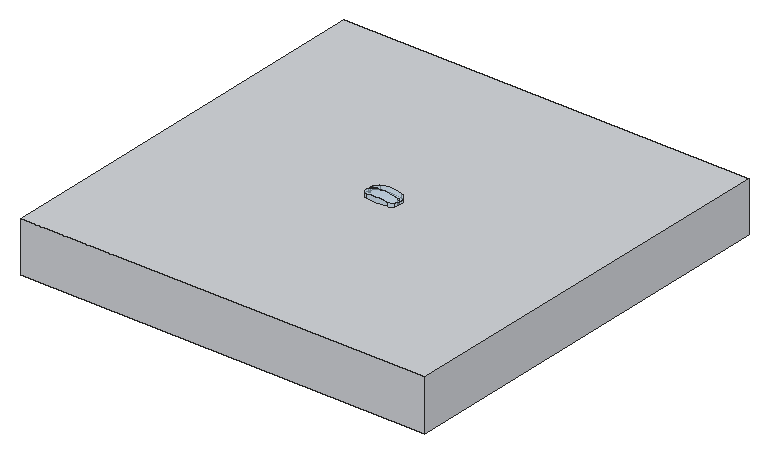
Revit family "GALAD Блистер LED", category Осветительные приборы, Revit 2018
Family settings
  Основа = Грань
  Размер круглого соединителя = Использовать диаметр
  Тип детали = Нормальный
  При загрузке вырезать с полостями = Нет
  Источник света = Да
  Общий = Нет
  Точка расчета площади = Нет
Parameters (values of type "GALAD Блистер LED-9 ECO IP30")
  built-in parameter 1150104 = 13.8 (stored number, unit not read)
  Частота = "50"  # constant formula
  Цветопередача = 80  # constant formula
  built-in parameter 1150134 = 2
  Файл фотометрической сетки = "svetilnik GALAD blister LED-9 ECO IP30.ies"
  Угол наклона = -90.00°  # constant formula
  Тип устройства управления светодиодами = "без управления"  # constant formula
  Тип продукции = "Светильник"  # constant formula
  Тип монтажной поверхности = "настенный"  # constant formula
  Тип источника света = "LED"  # constant formula
  Тип ПРА = "ЭПРА"  # constant formula
  Тип КСС = "Косинусная"  # constant formula
  Срок службы = "12 лет"  # constant formula
  built-in parameter 1150137 = (empty or 0)
  built-in parameter 1150132 = 2
  built-in parameter 1150114 = 1 (stored number, unit not read)
  Снижение светового потока во время разгорания = "не более 6%"  # constant formula
  Dimming Lamp Color Temperature Shift = (empty or 0)
  built-in parameter 1150105 = 56.5 (stored number, unit not read)
  Color Filter = 16777215
  Lumens = 710 lm
  Световая отдача = 79  # constant formula
  built-in parameter 1150109 = 1 (stored number, unit not read)
  built-in parameter 1150112 = 1 (stored number, unit not read)
  built-in parameter 1150110 = 1 (stored number, unit not read)
  built-in parameter 1150113 = 1 (stored number, unit not read)
  built-in parameter 1150115 = 1 (stored number, unit not read)
  built-in parameter 1114218 = 1 (stored number, unit not read)
  built-in parameter 1114217 = 1 (stored number, unit not read)
  Apparent Load = ADSK_Номинальная мощность / ADSK_Коэффициент мощности  # 9.47368 VA
  Default Elevation = 1219.2 mm
  built-in parameter 1150106 = 0.565 (stored number, unit not read)
  Описание = "Светодиодный светильник GALAD Блистер LED укомплектован матовым рассеивателем для минимизации слепящего действия и встроенным блоком питания. Ударопрочное защитное стекло выполнено из светостабилизированного поликарбоната. Установка светильника возможна на стену или на потолок."  # constant formula
  Область использования = "ЖКХ"  # constant formula
  built-in parameter 1150142 = "IESNA:LM-63-1995\r\n[TEST] Протокол №297R/20, ПАС\r\r\n[DATA]11.09.2020\r\r\n[MANUFAC] GALAD\r\r\n[LUMCAT]  \r\n[LUMINAIRE]Блистер LED-9 ECO IP30\r\r\n[LAMPCAT] \r\r\n[LAMP] LED 9 Вт\r\r\nTILT=NONE\r\n1     710 0.710 73 145 1 2 0.200 0.118 0.040\r\n1.0 1.0 9\r\n0.0 2.5 5.0 7.5 10.0 12.5 15.0 17.5 20.0 22.5 25.0 27.5 30.0 32.5 35.0 37.5 40.0 42.5 45.0 47.5 50.0 52.5 55.0 57.5 60.0 62.5 65.0 67.5 70.0 72.5 75.0 77.5 80.0 82.5 85.0 87.5 90.0 92.5 95.0 97.5 100.0 102.5 105.0 107.5 110.0 112.5 115.0 117.5 120.0 122.5 125.0 127.5 130.0 132.5 135.0 137.5 140.0 142.5 145.0 147.5 150.0 152.5 155.0 157.5 160.0 162.5 165.0 167.5 170.0 172.5 175.0 177.5 180.0\r\n0.0 2.5 5.0 7.5 10.0 12.5 15.0 17.5 20.0 22.5 25.0 27.5 30.0 32.5 35.0 37.5 40.0 42.5 45.0 47.5 50.0 52.5 55.0 57.5 60.0 62.5 65.0 67.5 70.0 72.5 75.0 77.5 80.0 82.5 85.0 87.5 90.0 92.5 95.0 97.5 100.0 102.5 105.0 107.5 110.0 112.5 115.0 117.5 120.0 122.5 125.0 127.5 130.0 132.5 135.0 137.5 140.0 142.5 145.0 147.5 150.0 152.5 155.0 157.5 160.0 162.5 165.0 167.5 170.0 172.5 175.0 177.5 180.0 182.5 185.0 187.5 190.0 192.5 195.0 197.5 200.0 202.5 205.0 207.5 210.0 212.5 215.0 217.5 220.0 222.5 225.0 227.5 230.0 232.5 235.0 237.5 240.0 242.5 245.0 247.5 250.0 252.5 255.0 257.5 260.0 262.5 265.0 267.5 270.0 272.5 275.0 277.5 280.0 282.5 285.0 287.5 290.0 292.5 295.0 297.5 300.0 302.5 305.0 307.5 310.0 312.5 315.0 317.5 320.0 322.5 325.0 327.5 330.0 332.5 335.0 337.5 340.0 342.5 345.0 347.5 350.0 352.5 355.0 357.5 360.0\r\n287.28 288.69 289.12 288.27 286.72 284.61 282.07 279.11 275.59 271.36 266.57 261.50 255.87 249.38 242.62 235.29 227.55 219.23 210.07 200.92 191.62 182.18 171.89 161.18 150.62 140.05 129.34 118.49 108.07 97.92 88.06 78.90 70.31 62.56 55.23 48.61 42.83 37.48 32.69 28.74 25.36 22.68 20.29 17.19 13.53 10.85 9.72 9.16 10.00 10.85 10.85 10.71 10.71 10.29 9.72 9.16 8.74 8.31 7.89 7.33 7.04 6.62 6.20 5.64 4.93 4.23 3.66 3.38 3.38 3.24 2.40 0.85 0.14 \r\n287.28 288.69 289.26 288.41 286.86 285.03 282.49 279.39 276.01 271.79 267.14 261.78 256.01 249.67 242.62 235.44 227.69 219.37 210.78 201.76 192.46 182.60 172.31 162.03 151.32 140.47 129.76 119.06 108.49 98.34 88.76 79.32 70.73 62.84 55.51 49.03 42.97 37.76 32.97 28.88 25.50 22.82 20.29 17.33 13.67 10.85 9.44 8.88 9.72 10.57 10.57 10.57 10.43 10.14 9.58 9.16 8.74 8.31 7.89 7.33 7.04 6.62 6.06 5.64 4.93 4.23 3.66 3.38 3.38 3.24 2.25 0.85 0.14 \r\n287.28 288.69 289.26 288.55 287.00 285.17 282.78 279.68 276.01 271.79 267.28 261.92 256.01 249.53 242.62 235.29 227.69 219.66 210.92 201.76 192.46 182.74 172.46 162.17 151.74 140.90 130.19 119.34 108.63 98.49 88.62 79.61 71.01 62.84 55.65 49.17 43.25 37.76 32.97 28.88 25.50 22.82 20.43 17.47 13.81 10.85 9.30 8.74 9.58 10.43 10.43 10.43 10.43 10.00 9.44 9.02 8.59 8.17 7.75 7.33 7.04 6.62 6.06 5.49 4.93 4.23 3.66 3.38 3.24 3.24 2.25 0.85 0.14 \r\n287.28 288.69 289.26 288.55 287.14 285.31 282.78 279.39 275.73 271.65 266.86 261.64 256.15 249.95 243.04 236.00 228.25 220.08 211.62 202.47 192.74 182.88 172.88 162.59 151.74 141.04 130.33 119.62 109.05 98.63 88.76 79.46 70.87 62.98 55.65 49.17 43.11 37.76 32.97 28.88 25.50 22.82 20.29 16.91 13.39 10.85 9.44 8.88 9.72 10.43 10.43 10.43 10.43 10.00 9.44 9.02 8.59 8.17 7.75 7.33 6.90 6.62 6.06 5.64 4.93 4.23 3.66 3.38 3.24 3.24 2.11 0.70 0.14 \r\n287.28 288.83 289.26 288.55 287.00 285.17 282.64 279.11 275.45 271.79 267.14 261.78 256.29 249.95 243.33 235.86 228.11 220.08 211.48 202.47 193.03 183.45 173.30 162.73 152.03 141.32 130.33 119.76 109.05 98.91 89.05 79.75 71.15 62.98 55.65 49.03 43.11 37.76 32.97 28.88 25.50 22.68 20.29 17.19 13.81 10.85 9.16 8.88 9.72 10.14 10.14 10.29 10.14 9.86 9.30 8.88 8.45 8.03 7.61 7.19 6.90 6.48 6.06 5.49 4.93 4.23 3.66 3.38 3.24 3.24 2.11 0.70 0.14 \r\n287.28 288.83 289.40 288.55 286.86 284.89 282.21 279.11 275.59 271.79 267.28 262.06 256.29 250.09 243.47 236.42 228.53 220.36 211.91 202.61 193.03 183.45 173.72 162.87 152.31 141.46 130.75 119.90 109.19 98.91 89.05 79.61 70.87 62.84 55.51 48.75 42.69 37.34 32.69 28.60 25.22 22.54 20.01 17.33 14.09 11.13 9.44 8.74 9.44 10.00 10.00 10.14 10.14 9.86 9.30 8.88 8.45 8.03 7.61 7.19 6.76 6.48 6.06 5.49 4.93 4.09 3.52 3.38 3.24 3.10 1.97 0.70 0.14 \r\n287.28 288.83 289.40 288.41 286.72 284.61 281.93 279.11 275.87 271.93 267.28 261.92 256.29 250.09 243.18 236.28 228.39 220.08 211.77 202.33 192.89 183.45 173.16 162.73 152.31 141.46 130.47 119.76 109.19 98.77 88.76 79.46 70.73 62.70 55.37 48.61 42.69 37.20 32.41 28.46 25.08 22.40 19.87 17.05 14.09 11.69 10.14 9.58 9.72 9.58 9.58 9.72 9.72 9.44 9.02 8.74 8.31 8.03 7.61 7.19 6.76 6.34 5.92 5.49 4.79 4.09 3.52 3.38 3.24 3.10 1.83 0.56 0.14 \r\n287.28 288.83 289.40 288.27 286.58 284.47 281.93 279.11 275.87 271.65 267.00 261.92 256.29 250.09 243.47 236.28 228.39 220.08 211.62 202.61 193.31 183.16 173.16 162.87 152.17 141.32 130.33 119.48 108.91 98.63 88.76 79.32 70.59 62.28 54.95 48.19 42.13 36.77 32.12 28.18 24.80 22.12 19.73 17.19 14.37 11.84 10.29 9.72 9.58 9.30 9.16 9.16 9.16 8.88 8.59 8.45 8.17 7.89 7.47 7.04 6.76 6.34 5.92 5.35 4.65 3.95 3.52 3.38 3.24 2.96 1.83 0.56 0.14 \r\n287.28 288.98 289.26 288.13 286.44 284.47 282.07 279.25 275.73 271.50 266.86 262.06 256.43 250.09 243.33 236.14 228.39 220.36 211.62 202.47 193.31 183.45 173.30 162.73 152.03 141.18 130.47 119.62 108.91 98.34 88.34 79.04 70.31 62.13 54.67 48.05 41.99 36.63 31.84 27.90 24.52 21.84 19.44 16.63 13.95 11.84 10.57 10.14 9.86 9.44 9.16 9.02 8.74 8.31 8.03 7.89 7.75 7.61 7.33 7.04 6.62 6.34 5.78 5.21 4.65 3.95 3.52 3.38 3.24 2.96 1.69 0.42 0.14 \r\n287.28 288.98 289.12 287.99 286.30 284.47 282.21 279.39 275.87 271.65 267.00 261.92 256.29 249.95 243.18 236.00 227.97 220.08 211.77 202.47 193.03 183.45 173.30 162.73 152.17 141.32 130.33 119.48 108.77 98.34 88.48 78.90 70.02 61.85 54.39 47.48 41.42 36.07 31.28 27.33 24.09 21.42 19.02 16.48 14.09 12.12 11.13 10.71 10.00 9.44 9.02 8.88 8.31 7.89 7.47 7.33 7.19 7.04 7.04 6.76 6.62 6.20 5.78 5.21 4.51 3.80 3.52 3.38 3.24 2.82 1.55 0.42 0.14 \r\n287.28 288.83 289.12 287.85 286.16 284.33 282.21 279.39 275.87 271.65 267.14 261.78 256.29 250.09 243.18 236.00 228.25 219.80 211.34 202.61 192.89 182.88 173.02 162.59 151.88 141.18 130.19 119.20 108.49 98.06 88.06 78.62 69.74 61.43 53.82 47.06 41.00 35.65 31.14 27.19 23.81 21.13 18.88 16.48 14.23 12.26 11.27 10.71 10.00 9.44 9.02 8.74 8.17 7.61 7.19 6.90 6.62 6.62 6.62 6.48 6.34 6.06 5.64 5.07 4.37 3.80 3.38 3.38 3.24 2.68 1.41 0.42 0.14 \r\n287.28 288.83 288.98 287.85 286.16 284.33 282.07 279.25 275.73 271.50 267.00 261.64 256.15 249.67 243.18 236.00 228.25 220.08 211.20 202.18 192.89 183.02 172.88 162.45 151.60 140.90 130.05 119.06 108.21 97.92 87.92 78.20 69.18 61.01 53.40 46.50 40.44 35.08 30.43 26.49 23.25 20.57 18.46 16.20 14.23 12.82 11.98 11.13 10.29 9.58 9.02 8.45 7.89 7.33 6.76 6.48 6.20 6.06 6.06 6.06 6.06 5.92 5.49 4.93 4.37 3.66 3.38 3.24 3.24 2.54 1.27 0.28 0.14 \r\n287.28 288.83 288.83 287.71 286.16 284.33 282.07 279.11 275.59 271.50 266.86 261.78 256.29 249.81 243.18 236.00 228.11 219.94 211.34 202.18 192.60 183.02 172.88 162.59 152.03 141.04 129.91 119.20 108.21 97.64 87.50 77.91 69.04 60.58 52.98 46.21 40.01 34.66 30.01 26.07 22.82 20.29 18.18 16.34 14.51 12.96 11.98 11.13 10.14 9.44 8.88 8.31 7.61 7.04 6.62 6.20 5.92 5.64 5.64 5.64 5.64 5.64 5.35 4.79 4.23 3.66 3.38 3.24 3.24 2.40 1.13 0.28 0.14 \r\n287.28 288.69 288.69 287.71 286.16 284.33 281.93 279.11 275.59 271.50 266.86 261.78 256.01 249.81 243.04 235.86 227.97 219.80 211.34 202.18 192.60 182.88 172.74 162.31 151.74 140.61 129.48 118.63 107.93 97.22 86.93 77.35 68.33 60.02 52.27 45.37 39.17 33.81 29.31 25.50 22.26 19.73 17.61 15.92 14.37 13.10 12.12 11.27 10.43 9.72 9.02 8.31 7.47 6.76 6.20 5.92 5.49 5.35 5.21 5.21 5.21 5.21 5.07 4.65 4.09 3.52 3.38 3.24 3.24 2.25 0.99 0.28 0.14 \r\n287.28 288.69 288.69 287.71 286.16 284.33 281.93 278.97 275.45 271.50 267.00 261.50 255.87 249.95 243.04 235.72 227.97 219.66 211.06 202.04 192.60 182.74 172.46 161.75 151.32 140.47 129.34 118.35 107.50 96.94 86.79 76.93 67.77 59.32 51.71 44.80 38.75 33.39 28.88 24.94 21.84 19.30 17.33 15.78 14.37 13.24 12.26 11.27 10.29 9.44 8.74 7.89 7.19 6.48 6.06 5.64 5.21 4.93 4.79 4.65 4.79 4.79 4.65 4.37 3.95 3.52 3.38 3.24 3.10 2.11 0.85 0.28 0.14 \r\n287.28 288.69 288.55 287.71 286.30 284.47 282.07 278.97 275.45 271.36 266.86 261.22 255.72 249.67 242.62 235.44 227.69 219.51 210.92 201.76 192.18 182.32 172.31 161.75 151.04 140.19 129.20 118.07 106.94 96.37 86.09 76.37 67.35 58.75 51.14 44.10 37.90 32.55 28.04 24.23 21.13 18.74 16.77 15.22 14.09 13.10 12.12 11.13 10.14 9.44 8.74 7.89 7.04 6.34 5.78 5.35 4.93 4.65 4.37 4.37 4.37 4.37 4.37 4.09 3.80 3.52 3.38 3.24 3.10 1.97 0.70 0.14 0.14 \r\n287.28 288.55 288.55 287.71 286.30 284.61 282.07 278.97 275.45 271.22 266.71 261.22 255.58 249.38 242.20 235.15 227.40 218.95 210.50 201.48 192.04 182.04 171.89 161.32 150.48 139.77 128.50 117.65 106.66 95.95 85.66 75.94 66.78 58.19 50.44 43.40 37.20 31.98 27.47 23.67 20.71 18.18 16.34 14.79 13.81 12.96 12.12 10.99 10.14 9.30 8.45 7.61 6.76 6.06 5.49 5.07 4.65 4.37 4.09 3.95 3.95 3.95 3.80 3.80 3.52 3.38 3.38 3.24 3.10 1.83 0.70 0.14 0.14 \r\n287.28 288.41 288.41 287.71 286.30 284.47 281.93 278.97 275.31 271.22 266.57 261.22 255.44 249.10 242.34 234.87 226.98 218.67 210.07 200.92 191.62 181.75 171.33 161.04 150.05 139.20 128.07 116.94 106.23 95.39 84.96 75.24 65.94 57.34 49.45 42.41 36.35 31.14 26.63 22.82 19.87 17.47 15.64 14.23 13.39 12.68 11.84 10.71 9.72 8.88 8.31 7.47 6.76 6.06 5.35 4.79 4.37 3.95 3.80 3.52 3.52 3.38 3.38 3.38 3.38 3.38 3.38 3.24 2.96 1.69 0.56 0.14 0.14 \r\n287.28 288.41 288.41 287.57 286.30 284.19 281.65 278.83 275.31 271.22 266.29 261.08 255.30 249.10 242.34 234.87 227.12 218.81 210.07 200.92 191.34 181.47 171.19 160.76 150.05 139.06 128.07 116.94 105.95 94.82 84.40 74.53 65.23 56.64 48.75 41.70 35.65 30.43 25.92 22.26 19.16 16.91 14.93 13.67 12.82 12.26 11.41 10.57 9.58 8.74 8.03 7.33 6.48 5.78 5.21 4.65 4.09 3.66 3.38 3.24 3.10 2.96 2.96 3.10 3.24 3.24 3.38 3.24 2.96 1.55 0.42 0.14 0.14 \r\n287.28 288.27 288.41 287.57 286.30 284.19 281.51 278.55 275.17 271.08 266.29 260.94 255.16 248.96 242.20 234.59 227.26 218.95 210.07 201.06 191.48 181.33 171.19 160.62 149.63 138.64 127.51 116.52 105.39 94.68 84.11 74.11 64.81 55.94 48.05 41.00 34.80 29.45 25.08 21.42 18.46 16.06 14.37 13.10 12.40 11.69 10.99 10.00 9.16 8.45 7.75 7.19 6.34 5.64 4.93 4.37 3.95 3.52 3.24 2.96 2.68 2.54 2.54 2.68 2.96 3.24 3.24 3.24 2.82 1.41 0.42 0.14 0.14 \r\n287.28 288.27 288.41 287.57 286.30 284.19 281.37 278.55 275.17 271.08 266.29 260.94 255.02 248.68 242.06 234.59 226.70 218.39 209.79 200.63 191.19 181.33 170.91 160.20 149.35 138.50 127.37 116.10 105.11 94.12 83.55 73.55 64.11 55.37 47.48 40.44 34.10 28.88 24.37 20.85 17.89 15.50 13.67 12.40 11.84 11.27 10.57 9.72 8.88 8.31 7.61 6.90 6.20 5.35 4.65 4.09 3.66 3.24 2.82 2.54 2.25 2.11 2.25 2.40 2.82 3.10 3.24 3.24 2.68 1.27 0.28 0.00 0.14 \r\n287.28 288.13 288.27 287.57 286.30 284.33 281.51 278.69 275.17 270.80 266.15 260.94 255.02 248.26 241.63 234.17 226.42 217.96 209.23 200.07 190.63 180.63 170.20 159.77 149.07 137.80 126.81 115.53 104.26 93.41 82.99 72.70 63.26 54.53 46.35 39.31 33.25 27.90 23.53 19.87 17.05 14.65 12.96 11.84 11.13 10.57 9.86 9.16 8.45 8.03 7.47 6.76 6.06 5.07 4.37 3.80 3.38 2.96 2.54 2.25 1.97 1.83 1.83 2.11 2.68 2.96 3.24 3.24 2.68 1.13 0.28 0.00 0.14 \r\n287.28 287.99 288.27 287.43 286.16 284.33 281.65 278.69 275.03 270.52 266.01 260.51 254.74 248.12 241.35 233.74 226.00 217.68 208.95 199.51 190.07 179.92 169.64 159.21 148.50 137.37 126.10 114.97 103.70 92.57 82.00 71.86 62.28 53.54 45.65 38.61 32.41 27.05 22.68 19.02 16.20 13.81 12.26 11.13 10.57 9.86 9.30 8.59 8.03 7.75 7.19 6.48 5.64 4.93 4.09 3.52 3.10 2.68 2.25 1.97 1.55 1.41 1.55 1.97 2.40 2.82 3.10 3.24 2.54 0.99 0.28 0.00 0.14 \r\n287.28 287.99 288.13 287.43 286.16 284.19 281.79 278.41 274.89 270.24 265.73 260.09 254.46 248.26 241.21 233.74 225.71 217.40 208.67 199.37 189.93 179.92 169.50 158.79 148.08 136.95 125.82 114.55 103.28 92.15 81.58 71.29 61.71 52.98 44.80 37.62 31.42 26.07 21.84 18.18 15.36 13.10 11.55 10.57 9.86 9.30 8.59 8.03 7.61 7.19 6.76 6.06 5.35 4.65 3.80 3.24 2.82 2.40 1.97 1.55 1.27 1.13 1.27 1.69 2.25 2.68 2.96 3.24 2.40 0.85 0.14 0.00 0.14 \r\n287.28 287.85 287.99 287.43 286.02 284.04 281.65 278.41 274.89 270.24 265.73 260.09 254.46 247.98 240.93 233.32 225.57 217.40 208.24 199.23 189.64 179.36 169.21 158.65 147.80 136.67 125.40 113.98 102.71 91.58 80.87 70.45 60.87 52.13 43.96 36.91 30.72 25.36 20.99 17.47 14.51 12.26 10.71 10.00 9.44 8.74 8.17 7.61 7.04 6.76 6.34 5.64 4.93 4.23 3.52 2.96 2.54 2.11 1.69 1.27 0.99 0.85 1.13 1.55 1.97 2.40 2.82 3.10 2.25 0.70 0.14 0.00 0.14 \r\n287.28 287.85 287.85 287.43 286.02 283.90 281.51 278.41 274.60 270.10 265.73 260.37 254.17 247.41 240.51 233.04 225.01 216.70 207.96 198.94 189.08 179.08 168.65 158.08 147.09 135.82 124.69 113.42 102.15 90.74 80.03 69.88 60.16 51.29 42.97 35.79 29.59 24.37 20.01 16.48 13.53 11.41 10.00 9.30 8.88 8.45 7.61 7.04 6.62 6.20 5.78 5.21 4.51 3.80 3.24 2.68 2.11 1.69 1.27 0.99 0.70 0.70 0.85 1.27 1.83 2.11 2.68 3.10 2.11 0.70 0.14 0.00 0.14 \r\n287.28 287.71 287.85 287.43 286.02 283.76 281.51 278.27 274.04 269.95 265.31 260.09 253.75 247.13 240.23 232.62 224.59 216.27 207.68 198.38 188.52 178.80 168.37 157.66 146.53 135.54 124.13 112.72 101.30 90.03 79.32 68.90 59.32 50.44 42.41 35.08 28.88 23.53 19.16 15.50 12.54 10.57 9.44 9.02 8.45 7.89 7.19 6.48 5.92 5.49 5.21 4.65 4.09 3.38 2.82 2.25 1.83 1.41 0.99 0.70 0.56 0.56 0.70 1.13 1.55 1.83 2.40 2.96 1.97 0.56 0.14 0.00 0.14 \r\n287.28 287.71 287.85 287.28 286.02 283.76 281.37 278.13 274.04 270.10 264.88 259.53 253.47 247.13 240.09 232.48 224.59 215.99 207.26 197.82 188.09 178.23 167.67 157.10 146.11 134.98 123.42 112.15 100.74 89.33 78.48 68.19 58.47 49.45 41.28 34.24 27.90 22.68 18.32 14.51 11.55 9.72 8.74 8.31 7.89 7.47 6.62 5.92 5.35 4.93 4.65 4.09 3.52 2.96 2.40 1.83 1.41 0.99 0.70 0.56 0.42 0.42 0.56 0.99 1.41 1.69 2.11 2.68 1.83 0.42 0.00 0.00 0.14 \r\n287.28 287.57 287.71 287.28 285.88 283.76 281.09 277.99 274.18 269.95 264.74 259.25 253.05 246.57 239.94 232.20 224.30 215.85 207.12 197.39 187.81 177.81 167.24 156.68 145.54 134.41 123.00 111.45 100.04 88.76 77.77 67.35 57.77 48.75 40.58 33.39 27.05 21.84 17.47 13.53 10.57 9.02 8.31 7.75 7.19 6.62 5.92 5.21 4.79 4.37 3.95 3.52 3.10 2.54 2.11 1.55 1.13 0.85 0.56 0.42 0.42 0.42 0.56 0.85 1.13 1.41 1.83 2.40 1.69 0.42 0.00 0.00 0.14 \r\n287.28 287.57 287.71 287.28 285.74 283.62 280.94 277.85 273.90 269.67 264.74 259.11 252.77 246.57 239.38 231.77 224.02 215.57 206.69 196.97 187.11 177.25 166.68 155.83 144.98 133.71 122.30 110.74 99.47 88.20 77.07 66.78 56.92 47.90 39.73 32.41 26.07 20.85 16.48 12.40 9.58 8.17 7.61 7.04 6.48 6.06 5.49 4.65 4.09 3.80 3.38 3.10 2.68 2.11 1.55 1.13 0.85 0.56 0.42 0.28 0.28 0.28 0.42 0.70 0.99 1.27 1.55 2.11 1.41 0.28 0.00 0.00 0.14 \r\n287.28 287.57 287.71 287.28 285.59 283.48 280.80 277.70 273.76 269.67 264.46 258.97 252.62 246.43 239.10 231.63 223.74 214.86 205.99 196.55 186.55 176.82 166.40 155.55 144.70 133.15 121.73 110.18 98.63 87.21 76.37 65.80 56.08 47.06 39.17 31.70 25.50 20.15 15.36 11.55 8.88 7.47 6.90 6.20 5.64 5.21 4.79 4.09 3.52 3.10 2.82 2.54 2.11 1.69 1.27 0.85 0.56 0.42 0.28 0.28 0.28 0.28 0.28 0.56 0.85 1.13 1.27 1.97 1.27 0.28 0.00 0.00 0.14 \r\n287.28 287.43 287.71 287.28 285.45 283.48 280.80 277.56 273.76 269.25 264.18 258.68 252.62 246.00 238.82 231.35 223.46 214.44 205.42 196.27 186.26 175.98 165.55 154.84 143.99 132.86 121.31 109.62 97.78 86.65 75.52 64.95 55.23 46.50 38.46 31.00 24.66 19.44 14.09 10.29 8.03 6.90 6.06 5.49 4.93 4.51 4.09 3.52 2.96 2.68 2.25 1.97 1.69 1.27 0.99 0.70 0.42 0.28 0.28 0.14 0.14 0.14 0.28 0.42 0.70 0.99 0.99 1.69 1.13 0.14 0.00 0.00 0.14 \r\n287.28 287.43 287.71 287.28 285.31 283.48 280.80 277.42 273.62 268.83 263.90 258.26 252.62 245.58 238.54 231.07 222.90 214.16 205.14 195.70 186.26 175.84 165.27 154.42 143.43 131.88 120.75 109.19 97.50 85.95 74.82 64.53 54.53 45.79 37.62 30.57 23.95 18.74 12.82 9.72 7.04 5.64 5.07 4.65 4.09 3.80 3.52 2.96 2.40 2.1
